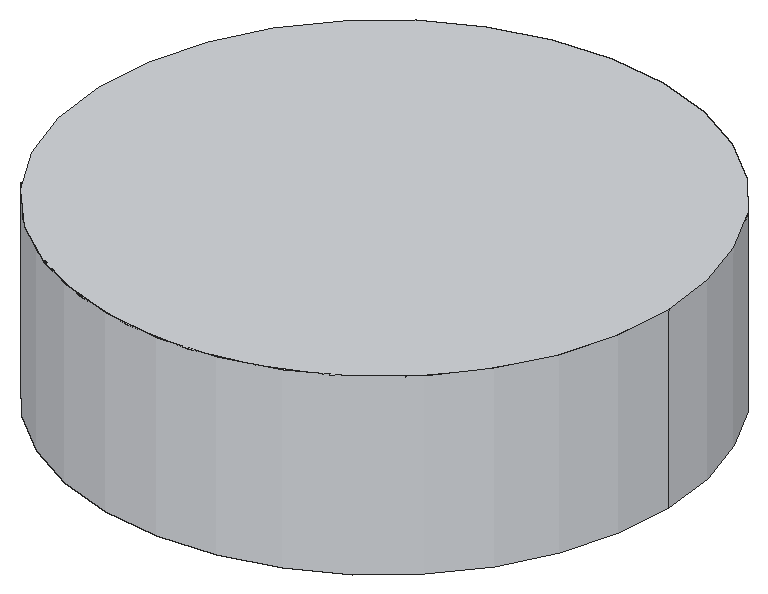
Revit family "MainFam2", category Generic Models, host Floor, Revit 2019
Family settings
  Host = Floor
  Can host rebar = No
  Round Connector Dimension = Use Diameter
  Part Type = Normal
  Always vertical = Yes
  Cut with Voids When Loaded = No
  Shared = No
  Room Calculation Point = No
Parameters
  Vis_Triangle [instance] = Form = Par_Triangle  # no
  Vis_Square [instance] = Form = Par_Square  # no
  Vis_Circle [instance] = Form = Par_Circle  # yes
  Param [instance] = if(Form = Par_Circle, 1, if(Form = Par_Square, 2, if(Form = Par_Triangle, 3, 0)))  # 1
  Par_Triangle = Triangle : Triangle
  Par_Square = Square : Square
  Par_Circle = Circle : Circle
  Form [instance] = Circle : Circle
Reference planes
  plane 1 "Center (Front/Back)": y = 0
  plane 2: z = 0
  plane 3 "Center (Left/Right)": x = 0
Dimensions and locks
  aligned and locked: level to plane 2
Nested families
  nested 1: "Circle" at (0, 0, 0), visible <- "Vis_Circle", Vis <- "Vis_Circle", type "Circle"
    with Vis yes
  nested 2: "Square" at (0, 0, 0), visible <- "Vis_Square", Vis <- "Vis_Square", type "Square"
    with Vis no
  nested 3: "Triangle" at (0, 0, 0), visible <- "Vis_Triangle", Vis <- "Vis_Triangle", type "Triangle"
    with Vis no
Definition of nested family "Circle"
  Parameters (values of type "Circle")
    Vis [instance] = yes
  Reference planes
    plane 1 "Center (Front/Back)": y = 0
    plane 2: z = 0
    plane 3 "Center (Left/Right)": x = 0
  Forms (mm)
    Extrusion 1, solid, visible <- "Vis"
      sketch origin (0, 0, 0) x (1, 0, 0) y (0, 1, 0)
        loop
          circle (0, 0) r 400
      from 0 to 250
  Dimensions and locks
    aligned and locked: level to plane 2
Definition of nested family "Square"
  Parameters (values of type "Square")
    Vis [instance] = yes
  Reference planes
    plane 1 "Center (Front/Back)": y = 0
    plane 2: z = 0
    plane 3 "Center (Left/Right)": x = 0
  Forms (mm)
    Extrusion 1, solid, visible <- "Vis"
      sketch origin (0, 0, 0) x (1, 0, 0) y (0, 1, 0)
        loop
          line (-350, 350) -> (-350, -350) -> (350, -350) -> (350, 350) -> (-350, 350)
      from 0 to 250
  Dimensions and locks
    equal spacing: Extrusion 1, plane 1 "Center (Front/Back)", Extrusion 1
    Extrusion 1 to Extrusion 1 = 700 mm  (x2)
    equal spacing: Extrusion 1, plane 3 "Center (Left/Right)", Extrusion 1
    aligned and locked: level to plane 2
  Automatic sketch dimensions
    Extrusion 1 sketch curve to plane 3 "Center (Left/Right)" = 350 mm
    plane 3 "Center (Left/Right)" to Extrusion 1 sketch curve = 350 mm
    plane 1 "Center (Front/Back)" to Extrusion 1 sketch curve = 350 mm
    Extrusion 1 sketch curve to plane 1 "Center (Front/Back)" = 350 mm
Definition of nested family "Triangle"
  Parameters (values of type "Triangle")
    Vis [instance] = yes
  Reference planes
    plane 1 "Center (Front/Back)": y = 0
    plane 2: z = 0
    plane 3 "Center (Left/Right)": x = 0
  Forms (mm)
    Extrusion 1, solid, visible <- "Vis"
      sketch origin (0, -60, 0) x (1, 0, 0) y (0, 1, 0)
        loop
          line (0, 600) -> (-519.615, -300) -> (519.615, -300) -> (0, 600)
      from 0 to 250
  Dimensions and locks
    aligned and locked: level to plane 2
